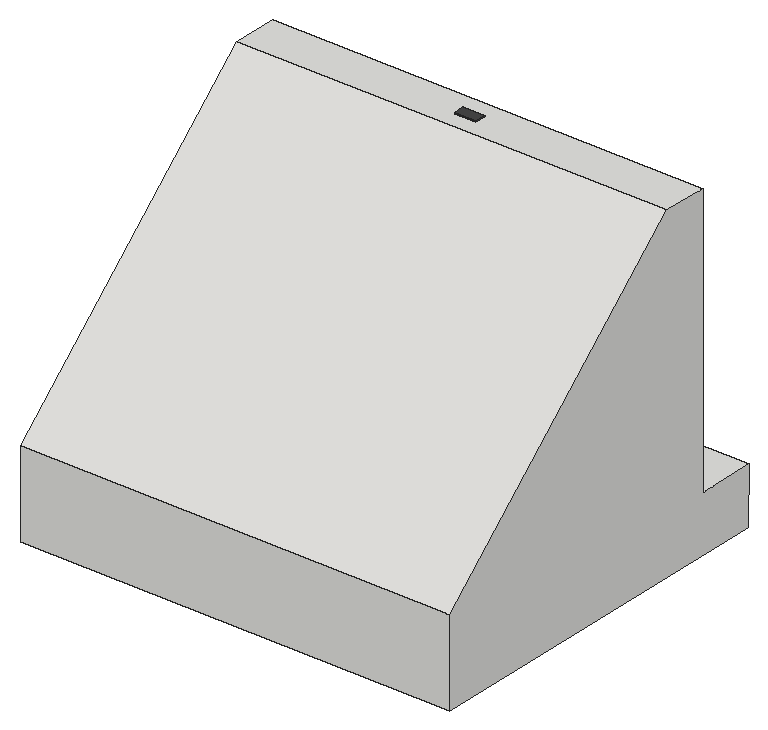
Revit family "Plumbing-Sink-Sloan-Valve-ESS-2100", category Plumbing Fixtures, host Face, Revit 2019
Family settings
  Host = Face
  Round Connector Dimension = Use Diameter
  Part Type = Normal
  OmniClass Number = 23.45.05.14.14
  OmniClass Title = Sinks/Lavatories
  Cut with Voids When Loaded = No
  Shared = No
  Room Calculation Point = No
Parameters (values of type "ESS2100-BDT-H-2")
  z_Shower Spray Head = yes
  Width = 30"  # constant formula
  Water Flow = 2.2 GPM  # constant formula
  Waste Connection = yes
  WFU = 2
  Voltage = 110 V
  Vent Connection = no
  Valve Pressure Drop = 0.0 Pa
  URL = "www.sloanvalve.com"
  Sanitary Drain Connection Diameter = 1 1/2"  # constant formula
  Product data url = "https://bimobject.com/sloan_valve/product/sinks_stainless-steel_ess-2100"
  Product Material = Sloan Valve - Finish - Stainless Steel
  Product Guid = ""
  Power Factor = 0.8
  Part Number = "3850007"
  Number of Poles = 3
  Model = "ESS2100-BDT-H"
  Manufacturer = "Sloan Valve"  # constant formula
  Keynote = "10000"
  Hot Water Connection Diameter = 1/2"  # constant formula
  Height = 26"  # constant formula
  HWFU = 1.5
  HW Connection = yes
  z_Elevation [instance] = 45"  # constant formula
  Frequency = 60 Hz
  Edition number = 1
  Description = "Stainless Steel 1-Station Wall-Mounted Scrub Sink"
  Depth = 23"  # constant formula
  Default Elevation = 0"  # constant formula
  Current = 15 A
  Cold Water Connection Diameter = 1/2"  # constant formula
  CWFU = 1.5
  CW Connection = yes
  Assembly Code = "D2010400"
  Apparent Load = (Voltage * Current) / (Power Factor * Number of Poles)  # 687.5 VA
  ADA Compliant = 1 = 1  # yes
Types (5): name | z_Shower Spray Head | Part Number | Model | Description
  ESS2100-BDT-H-1 | yes | "3851188" | "ESS2100-BDT-H" | "Stainless Steel 1-Station Wall-Mounted Scrub Sink."
  ESS2100-C | no | "3851262" | "ESS2100-C" | "Stainless Steel 1-Station Wall-Mounted Scrub Sink."
  ESS2100-C-2 | no | "3850008" | "ESS2100-C" | "Stainless Steel 1-Station Wall-Mounted Scrub Sink."
  ESS2100-BDT-C | no | "3850006" | "ESS2100-BDT-C" | "Stainless Steel 1-Station Wall-Mounted Scrub Sink."
  ESS2100-BDT-H-2 | yes | "3850007" | "ESS2100-BDT-H" | "Stainless Steel 1-Station Wall-Mounted Scrub Sink"
Reference planes (in)
  plane 1 "Center (Front/Back)": y = 0
  plane 2: z = 0
  plane 3 "Center (Left/Right)": x = 0
  plane 4: y = -5
  plane 5: y = -45
  plane 6: x = -15
  plane 7: x = 15
  plane 8: z = 23
Dimensions and locks (in)
  locked: plane 4 to plane 1 "Center (Front/Back)" at 5
  "z_Elevation": plane 5 to plane 1 "Center (Front/Back)"
  plane 7 to plane 3 "Center (Left/Right)" to plane 6 = 15" locked, 15" locked
  "Depth": plane 8 to plane 2
  aligned and locked: plane 2 to host face
  aligned and locked: level to host face
  aligned and locked: plane 3 "Center (Left/Right)" to nested 1
  aligned and locked: nested 1 to plane 1 "Center (Front/Back)"
Automatic sketch dimensions
  host sketch curve to host sketch curve = 96"  (x2)
Nested families (in)
  nested 1: "Geometry" at (0, 0, 0), type "Geometry"
Connectors (in)
  piping at (-9.00034, -18.25, 0.05881), diameter 0.5, driven by "Hot Water Connection Diameter", driven by "Valve Pressure Drop", driven by "Water Flow"
    settings: on nested 1, index 14, connector inside diameter 24", connector length 0", flow factor 0, pipe flow 2.2 GPM, pressure drop 0.0 Pa, fitting loss kfactor 0, connector angle 0.00°, fixture units 1.5, engagement length 0", angle of deflection 0.00°, flow configuration 1, flow direction 1, fitting loss method 0, system type 19, joint type 0, gender type 0, connector reference index -1, connector utility 0, adjustable connector no, is connector primary yes, connector description "Hot Water Connection"
  piping at (-6.00034, -18.25, 0.05881), diameter 0.5, driven by "Cold Water Connection Diameter", driven by "Valve Pressure Drop", driven by "Water Flow"
    settings: on nested 1, index 15, connector inside diameter 24", connector length 0", flow factor 0, pipe flow 2.2 GPM, pressure drop 0.0 Pa, fitting loss kfactor 0, connector angle 0.00°, fixture units 1.5, engagement length 0", angle of deflection 0.00°, flow configuration 1, flow direction 1, fitting loss method 0, system type 20, joint type 0, gender type 0, connector reference index -1, connector utility 0, adjustable connector no, is connector primary no, connector description "Cold Water Connection"
  piping at (0, -18.25, 0.05881), diameter 1.5, driven by "Sanitary Drain Connection Diameter", driven by "WFU"
    settings: on nested 1, index 16, connector inside diameter 24", connector length 0", flow factor 0, pipe flow 0.0 GPM, pressure drop 0.0 Pa, fitting loss kfactor 0, connector angle 0.00°, fixture units 2, engagement length 0", angle of deflection 0.00°, flow configuration 3, flow direction 2, fitting loss method 0, system type 16, joint type 0, gender type 0, connector reference index -1, connector utility 0, adjustable connector no, is connector primary no, connector description "Sanitary Drain Connection"
  electrical at (6.50034, -18.25, 0.05881), driven by "Number of Poles", driven by "Voltage", driven by "Power Factor", driven by "Apparent Load", driven by "Apparent Load", driven by "Apparent Load"
    settings: on nested 1, index 17, voltage 110 V, apparent load 0 VA, apparent load phase1 687.5 VA, apparent load phase2 687.5 VA, apparent load phase3 687.5 VA, power factor 0.8, load classification "Other", number of poles 3, system type 31, power factor state 1, is connector primary yes, connector utility no, sub classification motor no, connector description "Power Connection"
Definition of nested family "Geometry"
  Parameters (values of type "Geometry")
    z_Shower Head = yes
    z_Laminar Head = not(z_Shower Head)  # no
    URL = ""
    Product Material = none
    Model = ""
    Manufacturer = ""
    Description = ""
    Default Elevation = 34"
    Assembly Code = ""
  Reference planes (in)
    plane 1 "Center (Front/Back)": y = 0
    plane 2: z = 0
    plane 3 "Center (Left/Right)": x = 0
    plane 4: z = 23
    plane 5: x = 15.00034
    plane 6: z = 21.5
    plane 7: x = 13.50034
    plane 8: z = 4
    plane 9: z = 10.5
    plane 10: y = -4
    plane 11: y = -16
    plane 12: y = -26
    plane 13: y = -45
    plane 14: z = 6
    plane 15: through (0, -7.11959, 23) normal (0, 0.6691, -0.7431)
    plane 16: x = -15.00034
    plane 17: x = -13.50034
    plane 18: y = -18.25
    plane 19: x = -9.00034
    plane 20: x = -6.00034
    plane 21: x = 6.50034
    plane 22: x = 12.50034
    plane 23: x = -12.50034
    plane 24: y = -24
    plane 25: y = -14
    plane 26: y = -15.25
    plane 27: x = 1
    plane 28: x = 6.50034
    plane 29: z = 8.25
    plane 30: y = 12.25
    plane 31: y = 6.25
  Forms (in)
    Extrusion 1, solid
      sketch origin (0, 0, 0) x (1, 0, 0) y (0, 1, 0)
        loop
          line (-48, 48) -> (-48, -48) -> (48, -48) -> (48, 48) -> (-48, 48)
      from 0 to -12
    Extrusion 2, solid, material <- "Product Material"
      sketch origin (0, 0, 0) x (0, 1, 0) y (0, 0, 1)
        loop
          line (-26, 0) -> (0, 0) -> (0, 4) -> (-4, 4) -> (-4, 23) -> (-7.11959, 23) -> (-26, 6) -> (-26, 0)
      from -15.00034 to 15.00034
    Extrusion 3, void
      sketch origin (0, 0, 0) x (0, 1, 0) y (0, 0, 1)
        loop
          line (-4, 4) -> (-4, 21.5) -> (-16, 10.5) -> (-16, 4) -> (-4, 4)
      from -13.50034 to 13.50034
    Extrusion 4, void
      sketch origin (0, 0, 0) x (1, 0, 0) y (0, 0, 1)
        loop
          circle (0, 6) r 0.75
      from 16 to 17.43081
    Extrusion 5, solid, material <- "Product Material"
      sketch origin (17.32149, 0, -0.01563) x (1, 0, 0) y (0, 1, 0)
        loop
          circle (-26.32183, -18.25) r 0.25
        loop
          circle (-23.32183, -18.25) r 0.25
        loop
          line (-12.07115, -16.25) -> (-12.07115, -20.25) -> (-9.57115, -20.25) -> (-9.57115, -16.25) -> (-12.07115, -16.25)
        loop
          circle (-17.32149, -18.25) r 0.75
      from 0.01563 to 0.07443
    Extrusion 6, void
      sketch origin (17.32149, 0, 23) x (0, 1, 0) y (1, 0, 0)
        loop
          circle (-14, -4.82115) r 0.5
        loop
          circle (-24, -4.82115) r 0.5
        loop
          circle (-14, -29.82183) r 0.5
        loop
          circle (-24, -29.82183) r 0.5
      from 19.82858 to 23
    Extrusion 7, solid
      sketch origin (0, 0, 23) x (1, 0, 0) y (0, 1, 0)
        loop
          line (-0.75, -5.9353) -> (0.75, -5.9353) -> (0.75, -5.1853) -> (-0.75, -5.1853) -> (-0.75, -5.9353)
      from 0 to 0.0625
    Revolve 8, solid, material <- "Product Material"
      sketch origin (0, -16, 6) x (1, 0, 0) y (0, 1, 0)
        loop
          line (0, 0.6875) -> (0.21984, 0.6875) -> (0.64944, 0) -> (0.75, 0) -> (0.75, 0.03911) -> (0.6987, 0.03911) -> (0.25449, 0.75) -> (0, 0.75) -> (0, 0.6875)
        axis (0, 0.75) -> (0, 0)
      angle from 0 to 360
    Extrusion 9, void
      sketch origin (0, -16, 6) x (1, 0, 0) y (0, 0, -1)
        loop
          arc (-0.15734, 0) -> (-0.156, -0.02054) -> (-0.15198, -0.04072) r 0.15734
          line (-0.15198, -0.04072) -> (-0.06143, -0.01646)
          arc (-0.06143, -0.01646) -> (-0.06359, 0) -> (-0.06143, 0.01646) r 0.06359
          line (-0.06143, 0.01646) -> (-0.15198, 0.04072)
          arc (-0.15198, 0.04072) -> (-0.156, 0.02054) -> (-0.15734, 0) r 0.15734
        loop
          arc (0.15734, 0) -> (0.156, 0.02054) -> (0.15198, 0.04072) r 0.15734
          line (0.15198, 0.04072) -> (0.06143, 0.01646)
          arc (0.06143, 0.01646) -> (0.06359, 0) -> (0.06143, -0.01646) r 0.06359
          line (0.06143, -0.01646) -> (0.15198, -0.04072)
          arc (0.15198, -0.04072) -> (0.156, -0.02054) -> (0.15734, 0) r 0.15734
        loop
          arc (-0.01646, 0.06143) -> (0, 0.06359) -> (0.01646, 0.06143) r 0.06359
          line (0.01646, 0.06143) -> (0.04072, 0.15198)
          arc (0.04072, 0.15198) -> (0, 0.15734) -> (-0.04072, 0.15198) r 0.15734
          line (-0.04072, 0.15198) -> (-0.01646, 0.06143)
        loop
          line (-0.01646, -0.06143) -> (-0.04072, -0.15198)
          arc (-0.04072, -0.15198) -> (0, -0.15734) -> (0.04072, -0.15198) r 0.15734
          line (0.04072, -0.15198) -> (0.01646, -0.06143)
          arc (0.01646, -0.06143) -> (0, -0.06359) -> (-0.01646, -0.06143) r 0.06359
        loop
          circle (0, 0) r 0.03234
      from 0.6875 to 0.75
    Extrusion 10, void
      sketch origin (0, -16, 6) x (1, 0, 0) y (0, 0, -1)
        loop
          arc (-0.04419, 0.25062) -> (0, 0.25449) -> (0.04419, 0.25062) r 0.25449
          line (0.04419, 0.25062) -> (0.11277, 0.63957)
          arc (0.11277, 0.63957) -> (0, 0.64944) -> (-0.11277, 0.63957) r 0.64944
          line (-0.11277, 0.63957) -> (-0.04419, 0.25062)
        loop
          arc (0.14597, 0.20846) -> (0.17995, 0.17995) -> (0.20846, 0.14597) r 0.25449
          line (0.20846, 0.14597) -> (0.53199, 0.3725)
          arc (0.53199, 0.3725) -> (0.45922, 0.45922) -> (0.3725, 0.53199) r 0.64944
          line (0.3725, 0.53199) -> (0.14597, 0.20846)
        loop
          line (-0.25062, 0.04419) -> (-0.63957, 0.11277)
          arc (-0.63957, 0.11277) -> (-0.64944, 0) -> (-0.63957, -0.11277) r 0.64944
          line (-0.63957, -0.11277) -> (-0.25062, -0.04419)
          arc (-0.25062, -0.04419) -> (-0.25449, 0) -> (-0.25062, 0.04419) r 0.25449
        loop
          arc (0.25062, 0.04419) -> (0.25449, 0) -> (0.25062, -0.04419) r 0.25449
          line (0.25062, -0.04419) -> (0.63957, -0.11277)
          arc (0.63957, -0.11277) -> (0.64944, 0) -> (0.63957, 0.11277) r 0.64944
          line (0.63957, 0.11277) -> (0.25062, 0.04419)
        loop
          line (-0.14597, 0.20846) -> (-0.3725, 0.53199)
          arc (-0.3725, 0.53199) -> (-0.45922, 0.45922) -> (-0.53199, 0.3725) r 0.64944
          line (-0.53199, 0.3725) -> (-0.20846, 0.14597)
          arc (-0.20846, 0.14597) -> (-0.17995, 0.17995) -> (-0.14597, 0.20846) r 0.25449
        loop
          line (-0.04419, -0.25062) -> (-0.11277, -0.63957)
          arc (-0.11277, -0.63957) -> (0, -0.64944) -> (0.11277, -0.63957) r 0.64944
          line (0.11277, -0.63957) -> (0.04419, -0.25062)
          arc (0.04419, -0.25062) -> (0, -0.25449) -> (-0.04419, -0.25062) r 0.25449
        loop
          line (0.14597, -0.20846) -> (0.3725, -0.53199)
          arc (0.3725, -0.53199) -> (0.45922, -0.45922) -> (0.53199, -0.3725) r 0.64944
          line (0.53199, -0.3725) -> (0.20846, -0.14597)
          arc (0.20846, -0.14597) -> (0.17995, -0.17995) -> (0.14597, -0.20846) r 0.25449
        loop
          arc (-0.14597, -0.20846) -> (-0.17995, -0.17995) -> (-0.20846, -0.14597) r 0.25449
          line (-0.20846, -0.14597) -> (-0.53199, -0.3725)
          arc (-0.53199, -0.3725) -> (-0.45922, -0.45922) -> (-0.3725, -0.53199) r 0.64944
          line (-0.3725, -0.53199) -> (-0.14597, -0.20846)
      from 0 to 0.6875
    Revolve 11, solid, visible <- "z_Laminar Head"
      sketch origin (0, -1.94954, 0.05605) x (0, 1, 0) y (0, 0, 1)
        loop
          line (8.84524, 7.39358) -> (8.88335, 8.14261) -> (8.19954, 8.1774) -> (8.16143, 7.42837) -> (8.84524, 7.39358)
        axis (8.88335, 8.14261) -> (8.19954, 8.1774)
      angle from 0 to 360
    Sweep 12, solid
      path origin (0, 0, 0) x (0, 1, 0) y (0, 0, 1)
        loop
          line (0, 2) -> (5.99639, 2)
          arc (5.99639, 2) -> (6.96112, 2.13558) -> (7.85111, 2.53183) r 3.5
          line (7.85111, 2.53183) -> (11.00786, 4.50439)
          arc (11.00786, 4.50439) -> (11.82378, 6.49884) -> (10.19125, 7.9054) r 1.84412
          line (10.19125, 7.9054) -> (6.74923, 8.20635)
      profile origin (0, 2.9982, 2) x (0, 0, 1) y (1, 0, 0)
        loop
          circle (0, 0) r 0.375
    Revolve 13, solid
      sketch origin (0, 0, 0) x (0, 1, 0) y (0, 0, 1)
        loop
          line (0, 2) -> (0, 0.75) -> (0.25, 0.75) -> (0.71812, 1.46812) -> (1.46812, 1.46812) -> (1.5, 1.5) -> (1.5, 2) -> (0, 2)
        axis (1.5, 2) -> (0, 2)
      angle from 0 to 360
    Revolve 14, solid, material <- "Product Material", visible <- "z_Shower Head"
      sketch origin (0, -2.03188, 0.29383) x (0, 0, -1) y (0, 1, 0)
        loop
          arc (-8.09787, 8.97253) -> (-8.57056, 8.79613) -> (-8.82797, 8.36219) r 0.75836
          line (-8.82797, 8.36219) -> (-8.91162, 7.94148) -> (-8.55777, 7.76889) -> (-8.18878, 7.64184) -> (-7.84808, 8.91336)
          arc (-7.84808, 8.91336) -> (-7.97076, 8.95229) -> (-8.09787, 8.97253) r 0.86283
        axis (-7.84808, 8.91336) -> (-8.18878, 7.64184)
      angle from 0 to 360
  Cuts and joins
    Extrusion 3, Extrusion 4, Extrusion 6, Extrusion 9, Extrusion 10 cuts Extrusion 2
    Extrusion 9, Extrusion 10 cuts Revolve 8
    joined: Extrusion 2, Revolve 8
    Extrusion 6 cuts Extrusion 5
    joined: Sweep 12, Revolve 13
  Lines and regions (in)
    Masking region 1
      outline origin (0, 0, 0) x (1, 0, 0) y (0, 0, 1)
        loop
          line (15.00034, 23) -> (0.75, 23) -> (0.75, 23.0625) -> (-0.75, 23.0625) -> (-0.75, 23) -> (-15.00034, 23) -> (-15.00034, 0) -> (15.00034, 0) -> (15.00034, 23)
    symbolic lines, detail levels medium+fine
      curve 1: line (13.50034, 0, 21.5) -> (-13.50034, 0, 21.5)
      curve 2: line (13.50034, 0, 4) -> (13.50034, 0, 21.5)
      curve 3: line (0.375, 0, 4) -> (13.50034, 0, 4)
      curve 4: line (-13.50034, 0, 21.5) -> (-13.50034, 0, 4)
      curve 7: arc (0.375, 0, 3.19242) -> (0, 0, 0.75) -> (-0.375, 0, 3.19242) r 1.25
      curve 8: line (-0.375, 0, 1.93748) -> (-0.375, 0, 8.25)
      curve 9: arc (-0.375, 0, 1.93748) -> (0.02612, 0, 1.62631) -> (0.36975, 0, 2) r 0.375
      curve 10: line (0.375, 0, 8.25) -> (0.375, 0, 2)
      curve 12: spline (0.375, 0, 7.58478) -> (0.61436, 0, 7.80383) -> (0.73861, 0, 8.10339) -> (0.72444, 0, 8.42732) -> (0.57453, 0, 8.71492) -> (0.31696, 0, 8.91231) -> (0, 0, 8.98249) -> (-0.31696, 0, 8.91231) -> (-0.57453, 0, 8.71492) -> (-0.72444, 0, 8.42732) -> (-0.73861, 0, 8.10339) -> (-0.61436, 0, 7.80383) -> (-0.375, 0, 7.58478)
      curve 13: arc (-0.375, 0, 8.25) -> (0, 0, 8.625) -> (0.375, 0, 8.25) r 0.375
      curve 16: line (-0.375, 0, 4) -> (-13.50034, 0, 4)
    symbolic lines, detail levels fine
      curve 5: line (13.50034, 0, 10.5) -> (-13.50034, 0, 10.5)
      curve 14: arc (0.375, 0, 5.35048) -> (0.75, 0, 6) -> (0.375, 0, 6.64952) r 0.75
      curve 15: arc (-0.375, 0, 5.35048) -> (-0.75, 0, 6) -> (-0.375, 0, 6.64952) r 0.75
    symbolic lines
      curve 6: line (0.75, 0, 23) -> (-0.75, 0, 23)
    symbolic lines, not visible, detail levels medium+fine
      curve 11: spline (0.375, 0, 8.02551) -> (0.4297, 0, 8.16807) -> (0.43171, 0, 8.32067) -> (0.38079, 0, 8.46461) -> (0.28317, 0, 8.58223) -> (0.15083, 0, 8.65912) -> (0, 0, 8.68584) -> (-0.15083, 0, 8.65912) -> (-0.28317, 0, 8.58223) -> (-0.38079, 0, 8.46461) -> (-0.43171, 0, 8.32067) -> (-0.4297, 0, 8.16807) -> (-0.375, 0, 8.02551)
  Dimensions and locks (in)
    plane 2 to plane 4 = 23"
    plane 5 to plane 16 = 30.00068"
    plane 5 to plane 3 "Center (Left/Right)" = 15.00034"
    plane 6 to plane 4 = 1 1/2"
    plane 2 to plane 8 = 4"
    plane 8 to plane 9 = 6 1/2"
    plane 14 to plane 2 = 6"
    plane 4 to plane 14 = 17"
    plane 1 "Center (Front/Back)" to plane 13 = 45"
    plane 10 to plane 11 = 12"
    plane 11 to plane 12 to plane 13 = 10", 19"
    plane 10 to plane 13 = 41"
    plane 6 to plane 8 = 17 1/2"
    plane 1 "Center (Front/Back)" to plane 10 = 4"
    plane 12 to plane 18 = 7 3/4"
    plane 16 to plane 19 to plane 20 = 6", 3"
    plane 24 to plane 25 = 10"
    plane 16 to plane 5 = 30.00068"
    plane 29 to Extrusion 1 = 8 1/4"
    plane 29 to level = 8 1/4"
    plane 30 to plane 1 "Center (Front/Back)" = 12 1/4"
    locked: Revolve 11 sketch curve to Revolve 11 sketch curve at 0.75
    locked: Revolve 11 sketch curve to Revolve 11 sketch curve at 0.6847
    aligned and locked: plane 2 to Extrusion 1
    aligned and locked: level to Extrusion 1
    aligned and locked: curve 14 to cut or joined group of Extrusion 2, Extrusion 3, Extrusion 4, Extrusion 6, Revolve 8, Extrusion 9, Extrusion 10
    aligned and locked: Revolve 11 sketch curve to Revolve 11 sketch curve
